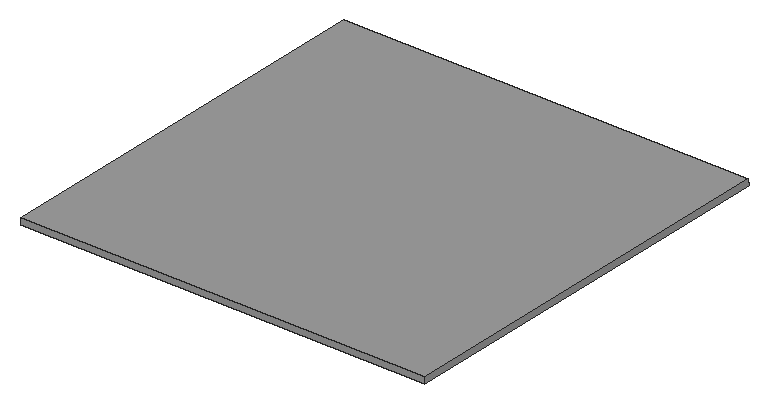
Revit family "WM-MN Unskimmend Family 60mm", category Generic Models, host Ceiling, Revit 2017
Family settings
  Host = Ceiling
  Can host rebar = No
  Round Connector Dimension = Use Diameter
  Part Type = Normal
  Always vertical = Yes
  Cut with Voids When Loaded = No
  Shared = No
  Room Calculation Point = No
Parameters (values of type "Lambdaboard")
  Width = 4000 mm
  URL = "www.rigifoam.com"
  Type Comments = "duncan@rigifoam.com"
  Thermal Resistance = 2.5000 (m²·K)/W
  Thermal Conductivity = 0.0240 W/(m·K)
  Model = "WM/MN Unskimmend 60mm"
  Material = Polyisocyanurate
  Manufacturer = "Lambdaboard"
  Length = 4000 mm
  Description = "Flexible PIR Insulation"
  Depth = 60 mm
  Density = 40.0000 kg/m³
Reference planes
  plane 1 "Center (Front/Back)": y = 0
  plane 2: z = 0
  plane 3 "Center (Left/Right)": x = 0
  plane 4 "Ceiling": z = 4000
Forms (mm)
  Extrusion 1, solid, material "Polyisocyanurate" <- "Material"
    sketch origin (0, 0, 4000) x (0, 1, 0) y (-1, 0, 0)
      loop
        line (2000, 2000) -> (-2000, 2000) -> (-2000, -2000) -> (2000, -2000) -> (2000, 2000)
    from -60 to 0
Dimensions and locks
  equal spacing: host sketch curve, plane 3 "Center (Left/Right)", host sketch curve
  equal spacing: host sketch curve, plane 1 "Center (Front/Back)", host sketch curve
  host sketch curve to host sketch curve = 4000 mm  (x2)
  plane 4 "Ceiling" to host ceiling = 0 mm
  equal spacing: Extrusion 1, plane 3 "Center (Left/Right)", Extrusion 1
  "Length": Extrusion 1 to Extrusion 1
  "Width": Extrusion 1 to Extrusion 1
  "Depth": Extrusion 1 to Extrusion 1
Automatic sketch dimensions
  plane 1 "Center (Front/Back)" to Extrusion 1 sketch curve = 2000 mm
  Extrusion 1 sketch curve to plane 1 "Center (Front/Back)" = 2000 mm
  plane 3 "Center (Left/Right)" to Extrusion 1 sketch curve = 2000 mm
  Extrusion 1 sketch curve to plane 3 "Center (Left/Right)" = 2000 mm
